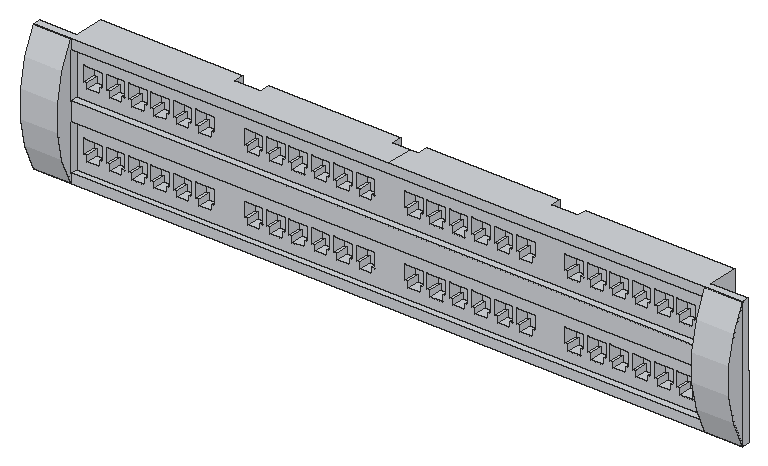
Revit family
Parameters (values of type "Type 1")
  Material ID = "760152595"
  Description = "360 1100GS6 Evolve U/UTP 48 Port Patch Panel\r\n360 1100 GS3 48 Port Patch Panel"
Reference planes (in)
  plane 1 "Center (Front/Back)": y = 0
  plane 2: z = 0
  plane 3 "Center (Left/Right)": x = 0
Forms (in)
  Extrusion 1, solid
    sketch origin (0, 0, 0) x (1, 0, 0) y (0, 0, 1)
      loop
        line (0, 1.735) -> (-9.5, 1.735) -> (-9.5, -1.735) -> (9.5, -1.735) -> (9.5, 1.735) -> (0, 1.735)
    from 0 to 1
  Extrusion 2, solid
    sketch origin (0, 0, 0) x (0, 1, 0) y (0, 0, 1)
      loop
        arc (-1, 1.735) -> (-1.46083, 0) -> (-1, -1.735) r 3.49647
        line (-1, -1.735) -> (-1, 1.735)
    from -9.5 to -8.5
  Extrusion 3, solid
    sketch origin (0, 0, 0) x (0, 1, 0) y (0, 0, -1)
      loop
        line (-1, -1.735) -> (-1, 1.735)
        arc (-1, 1.735) -> (-1.46083, 0) -> (-1, -1.735) r 3.49647
    from -9.5 to -8.5
  Extrusion 4, void
    sketch origin (0, 0, 0) x (1, 0, 0) y (0, 0, 1)
      loop
        line (0, 1.5) -> (-8.5, 1.5) -> (-8.5, 0.24) -> (8.5, 0.24) -> (8.5, 1.5) -> (0, 1.5)
      loop
        line (8.5, -1.5) -> (8.5, -0.24) -> (-8.5, -0.24) -> (-8.5, -1.5) -> (8.5, -1.5)
    from 0.80035 to 1
  Extrusion 5, void
    sketch origin (0, 0, 0) x (1, 0, 0) y (0, 0, 1)
      loop
        line (-8.306, 1.07722) -> (-8.306, 0.68622) -> (-8.226, 0.68622) -> (-8.226, 0.53222) -> (-7.886, 0.53222) -> (-7.886, 0.68622) -> (-7.806, 0.68622) -> (-7.806, 1.07722) -> (-8.306, 1.07722)
    from 0.462 to 1.10159
  Extrusion 6, void, not visible
    sketch origin (0, 0, 0) x (1, 0, 0) y (0, 0, 1)
      loop
        line (-8.45, 1.2) -> (-8.45, 0.809) -> (-8.37, 0.809) -> (-8.37, 0.655) -> (-8.03, 0.655) -> (-8.03, 0.809) -> (-7.95, 0.809) -> (-7.95, 1.2) -> (-8.45, 1.2)
    from 0.60159 to 1.10159
  Extrusion 7, void, not visible
    sketch origin (0.5989, 0, 0) x (1, 0, 0) y (0, 0, 1)
      loop
        line (-8.45, 1.2) -> (-8.45, 0.809) -> (-8.37, 0.809) -> (-8.37, 0.655) -> (-8.03, 0.655) -> (-8.03, 0.809) -> (-7.95, 0.809) -> (-7.95, 1.2) -> (-8.45, 1.2)
    from 0.60159 to 1.10159
  Extrusion 8, void, not visible
    sketch origin (1.2106, 0, 0) x (1, 0, 0) y (0, 0, 1)
      loop
        line (-8.45, 1.2) -> (-8.45, 0.809) -> (-8.37, 0.809) -> (-8.37, 0.655) -> (-8.03, 0.655) -> (-8.03, 0.809) -> (-7.95, 0.809) -> (-7.95, 1.2) -> (-8.45, 1.2)
    from 0.60159 to 1.10159
  Extrusion 9, void, not visible
    sketch origin (1.81104, 0, 0) x (1, 0, 0) y (0, 0, 1)
      loop
        line (-8.45, 1.2) -> (-8.45, 0.809) -> (-8.37, 0.809) -> (-8.37, 0.655) -> (-8.03, 0.655) -> (-8.03, 0.809) -> (-7.95, 0.809) -> (-7.95, 1.2) -> (-8.45, 1.2)
    from 0.60159 to 1.10159
  Extrusion 10, void, not visible
    sketch origin (2.41302, 0, 0) x (1, 0, 0) y (0, 0, 1)
      loop
        line (-8.45, 1.2) -> (-8.45, 0.809) -> (-8.37, 0.809) -> (-8.37, 0.655) -> (-8.03, 0.655) -> (-8.03, 0.809) -> (-7.95, 0.809) -> (-7.95, 1.2) -> (-8.45, 1.2)
    from 0.60159 to 1.10159
  Extrusion 11, void, not visible
    sketch origin (3.01652, 0, 0) x (1, 0, 0) y (0, 0, 1)
      loop
        line (-8.45, 1.2) -> (-8.45, 0.809) -> (-8.37, 0.809) -> (-8.37, 0.655) -> (-8.03, 0.655) -> (-8.03, 0.809) -> (-7.95, 0.809) -> (-7.95, 1.2) -> (-8.45, 1.2)
    from 0.60159 to 1.10159
  Extrusion 12, void
    sketch origin (0, 0, 0) x (1, 0, 0) y (0, 0, 1)
      loop
        line (9.5, 1.735) -> (8.5, 1.735) -> (8.5, -1.735) -> (9.5, -1.735) -> (9.5, 1.735)
    from 0 to 0.80035
  Extrusion 13, void
    sketch origin (0.6, 0, 0) x (1, 0, 0) y (0, 0, 1)
      loop
        line (-8.306, 1.07722) -> (-8.306, 0.68622) -> (-8.226, 0.68622) -> (-8.226, 0.53222) -> (-7.886, 0.53222) -> (-7.886, 0.68622) -> (-7.806, 0.68622) -> (-7.806, 1.07722) -> (-8.306, 1.07722)
    from 0.462 to 1.10159
  Extrusion 14, void
    sketch origin (1.2, 0, 0) x (1, 0, 0) y (0, 0, 1)
      loop
        line (-8.306, 1.07722) -> (-8.306, 0.68622) -> (-8.226, 0.68622) -> (-8.226, 0.53222) -> (-7.886, 0.53222) -> (-7.886, 0.68622) -> (-7.806, 0.68622) -> (-7.806, 1.07722) -> (-8.306, 1.07722)
    from 0.462 to 1.10159
  Extrusion 15, void
    sketch origin (1.8, 0, 0) x (1, 0, 0) y (0, 0, 1)
      loop
        line (-8.306, 1.07722) -> (-8.306, 0.68622) -> (-8.226, 0.68622) -> (-8.226, 0.53222) -> (-7.886, 0.53222) -> (-7.886, 0.68622) -> (-7.806, 0.68622) -> (-7.806, 1.07722) -> (-8.306, 1.07722)
    from 0.462 to 1.10159
  Extrusion 16, void
    sketch origin (2.4, 0, 0) x (1, 0, 0) y (0, 0, 1)
      loop
        line (-8.306, 1.07722) -> (-8.306, 0.68622) -> (-8.226, 0.68622) -> (-8.226, 0.53222) -> (-7.886, 0.53222) -> (-7.886, 0.68622) -> (-7.806, 0.68622) -> (-7.806, 1.07722) -> (-8.306, 1.07722)
    from 0.462 to 1.10159
  Extrusion 17, void
    sketch origin (3, 0, 0) x (1, 0, 0) y (0, 0, 1)
      loop
        line (-8.306, 1.07722) -> (-8.306, 0.68622) -> (-8.226, 0.68622) -> (-8.226, 0.53222) -> (-7.886, 0.53222) -> (-7.886, 0.68622) -> (-7.806, 0.68622) -> (-7.806, 1.07722) -> (-8.306, 1.07722)
    from 0.462 to 1.10159
  Extrusion 18, void, not visible
    sketch origin (0, 0, 0) x (1, 0, 0) y (0, 0, 1)
      loop
        line (-8.306, 1.07722) -> (-8.306, 0.68622) -> (-8.226, 0.68622) -> (-8.226, 0.53222) -> (-7.886, 0.53222) -> (-7.886, 0.68622) -> (-7.806, 0.68622) -> (-7.806, 1.07722) -> (-8.306, 1.07722)
    from 0.462 to 1.10159
  Extrusion 19, void
    sketch origin (4.3, 0, 0) x (1, 0, 0) y (0, 0, 1)
      loop
        line (-8.306, 1.07722) -> (-8.306, 0.68622) -> (-8.226, 0.68622) -> (-8.226, 0.53222) -> (-7.886, 0.53222) -> (-7.886, 0.68622) -> (-7.806, 0.68622) -> (-7.806, 1.07722) -> (-8.306, 1.07722)
    from 0.462 to 1.10159
  Extrusion 20, void
    sketch origin (4.9, 0, 0) x (1, 0, 0) y (0, 0, 1)
      loop
        line (-8.306, 1.07722) -> (-8.306, 0.68622) -> (-8.226, 0.68622) -> (-8.226, 0.53222) -> (-7.886, 0.53222) -> (-7.886, 0.68622) -> (-7.806, 0.68622) -> (-7.806, 1.07722) -> (-8.306, 1.07722)
    from 0.462 to 1.10159
  Extrusion 21, void
    sketch origin (5.5, 0, 0) x (1, 0, 0) y (0, 0, 1)
      loop
        line (-8.306, 1.07722) -> (-8.306, 0.68622) -> (-8.226, 0.68622) -> (-8.226, 0.53222) -> (-7.886, 0.53222) -> (-7.886, 0.68622) -> (-7.806, 0.68622) -> (-7.806, 1.07722) -> (-8.306, 1.07722)
    from 0.462 to 1.10159
  Extrusion 22, void
    sketch origin (6.1, 0, 0) x (1, 0, 0) y (0, 0, 1)
      loop
        line (-8.306, 1.07722) -> (-8.306, 0.68622) -> (-8.226, 0.68622) -> (-8.226, 0.53222) -> (-7.886, 0.53222) -> (-7.886, 0.68622) -> (-7.806, 0.68622) -> (-7.806, 1.07722) -> (-8.306, 1.07722)
    from 0.462 to 1.10159
  Extrusion 23, void
    sketch origin (6.7, 0, 0) x (1, 0, 0) y (0, 0, 1)
      loop
        line (-8.306, 1.07722) -> (-8.306, 0.68622) -> (-8.226, 0.68622) -> (-8.226, 0.53222) -> (-7.886, 0.53222) -> (-7.886, 0.68622) -> (-7.806, 0.68622) -> (-7.806, 1.07722) -> (-8.306, 1.07722)
    from 0.462 to 1.10159
  Extrusion 24, void
    sketch origin (7.3, 0, 0) x (1, 0, 0) y (0, 0, 1)
      loop
        line (-8.306, 1.07722) -> (-8.306, 0.68622) -> (-8.226, 0.68622) -> (-8.226, 0.53222) -> (-7.886, 0.53222) -> (-7.886, 0.68622) -> (-7.806, 0.68622) -> (-7.806, 1.07722) -> (-8.306, 1.07722)
    from 0.462 to 1.10159
  Extrusion 25, void
    sketch origin (8.6, 0, 0) x (1, 0, 0) y (0, 0, 1)
      loop
        line (-8.306, 1.07722) -> (-8.306, 0.68622) -> (-8.226, 0.68622) -> (-8.226, 0.53222) -> (-7.886, 0.53222) -> (-7.886, 0.68622) -> (-7.806, 0.68622) -> (-7.806, 1.07722) -> (-8.306, 1.07722)
    from 0.462 to 1.10159
  Extrusion 26, void
    sketch origin (9.2, 0, 0) x (1, 0, 0) y (0, 0, 1)
      loop
        line (-8.306, 1.07722) -> (-8.306, 0.68622) -> (-8.226, 0.68622) -> (-8.226, 0.53222) -> (-7.886, 0.53222) -> (-7.886, 0.68622) -> (-7.806, 0.68622) -> (-7.806, 1.07722) -> (-8.306, 1.07722)
    from 0.462 to 1.10159
  Extrusion 27, void
    sketch origin (9.8, 0, 0) x (1, 0, 0) y (0, 0, 1)
      loop
        line (-8.306, 1.07722) -> (-8.306, 0.68622) -> (-8.226, 0.68622) -> (-8.226, 0.53222) -> (-7.886, 0.53222) -> (-7.886, 0.68622) -> (-7.806, 0.68622) -> (-7.806, 1.07722) -> (-8.306, 1.07722)
    from 0.462 to 1.10159
  Extrusion 28, void
    sketch origin (10.4, 0, 0) x (1, 0, 0) y (0, 0, 1)
      loop
        line (-8.306, 1.07722) -> (-8.306, 0.68622) -> (-8.226, 0.68622) -> (-8.226, 0.53222) -> (-7.886, 0.53222) -> (-7.886, 0.68622) -> (-7.806, 0.68622) -> (-7.806, 1.07722) -> (-8.306, 1.07722)
    from 0.462 to 1.10159
  Extrusion 29, void
    sketch origin (11, 0, 0) x (1, 0, 0) y (0, 0, 1)
      loop
        line (-8.306, 1.07722) -> (-8.306, 0.68622) -> (-8.226, 0.68622) -> (-8.226, 0.53222) -> (-7.886, 0.53222) -> (-7.886, 0.68622) -> (-7.806, 0.68622) -> (-7.806, 1.07722) -> (-8.306, 1.07722)
    from 0.462 to 1.10159
  Extrusion 30, void
    sketch origin (11.6, 0, 0) x (1, 0, 0) y (0, 0, 1)
      loop
        line (-8.306, 1.07722) -> (-8.306, 0.68622) -> (-8.226, 0.68622) -> (-8.226, 0.53222) -> (-7.886, 0.53222) -> (-7.886, 0.68622) -> (-7.806, 0.68622) -> (-7.806, 1.07722) -> (-8.306, 1.07722)
    from 0.462 to 1.10159
  Extrusion 31, void
    sketch origin (12.9, 0, 0) x (1, 0, 0) y (0, 0, 1)
      loop
        line (-8.306, 1.07722) -> (-8.306, 0.68622) -> (-8.226, 0.68622) -> (-8.226, 0.53222) -> (-7.886, 0.53222) -> (-7.886, 0.68622) -> (-7.806, 0.68622) -> (-7.806, 1.07722) -> (-8.306, 1.07722)
    from 0.462 to 1.10159
  Extrusion 32, void
    sketch origin (13.5, 0, 0) x (1, 0, 0) y (0, 0, 1)
      loop
        line (-8.306, 1.07722) -> (-8.306, 0.68622) -> (-8.226, 0.68622) -> (-8.226, 0.53222) -> (-7.886, 0.53222) -> (-7.886, 0.68622) -> (-7.806, 0.68622) -> (-7.806, 1.07722) -> (-8.306, 1.07722)
    from 0.462 to 1.10159
  Extrusion 33, void
    sketch origin (14.1, 0, 0) x (1, 0, 0) y (0, 0, 1)
      loop
        line (-8.306, 1.07722) -> (-8.306, 0.68622) -> (-8.226, 0.68622) -> (-8.226, 0.53222) -> (-7.886, 0.53222) -> (-7.886, 0.68622) -> (-7.806, 0.68622) -> (-7.806, 1.07722) -> (-8.306, 1.07722)
    from 0.462 to 1.10159
  Extrusion 34, void
    sketch origin (14.7, 0, 0) x (1, 0, 0) y (0, 0, 1)
      loop
        line (-8.306, 1.07722) -> (-8.306, 0.68622) -> (-8.226, 0.68622) -> (-8.226, 0.53222) -> (-7.886, 0.53222) -> (-7.886, 0.68622) -> (-7.806, 0.68622) -> (-7.806, 1.07722) -> (-8.306, 1.07722)
    from 0.462 to 1.10159
  Extrusion 35, void
    sketch origin (15.3, 0, 0) x (1, 0, 0) y (0, 0, 1)
      loop
        line (-8.306, 1.07722) -> (-8.306, 0.68622) -> (-8.226, 0.68622) -> (-8.226, 0.53222) -> (-7.886, 0.53222) -> (-7.886, 0.68622) -> (-7.806, 0.68622) -> (-7.806, 1.07722) -> (-8.306, 1.07722)
    from 0.462 to 1.10159
  Extrusion 36, void
    sketch origin (15.9, 0, 0) x (1, 0, 0) y (0, 0, 1)
      loop
        line (-8.306, 1.07722) -> (-8.306, 0.68622) -> (-8.226, 0.68622) -> (-8.226, 0.53222) -> (-7.886, 0.53222) -> (-7.886, 0.68622) -> (-7.806, 0.68622) -> (-7.806, 1.07722) -> (-8.306, 1.07722)
    from 0.462 to 1.10159
  Extrusion 37, void, not visible
    sketch origin (0, 0, 0) x (1, 0, 0) y (0, 0, 1)
      loop
        line (-8.306, 1.07722) -> (-8.306, 0.68622) -> (-8.226, 0.68622) -> (-8.226, 0.53222) -> (-7.886, 0.53222) -> (-7.886, 0.68622) -> (-7.806, 0.68622) -> (-7.806, 1.07722) -> (-8.306, 1.07722)
    from 0.462 to 1.10159
  Extrusion 38, void, not visible
    sketch origin (0.6, 0, 0) x (1, 0, 0) y (0, 0, 1)
      loop
        line (-8.306, 1.07722) -> (-8.306, 0.68622) -> (-8.226, 0.68622) -> (-8.226, 0.53222) -> (-7.886, 0.53222) -> (-7.886, 0.68622) -> (-7.806, 0.68622) -> (-7.806, 1.07722) -> (-8.306, 1.07722)
    from 0.462 to 1.10159
  Extrusion 39, void, not visible
    sketch origin (1.2, 0, 0) x (1, 0, 0) y (0, 0, 1)
      loop
        line (-8.306, 1.07722) -> (-8.306, 0.68622) -> (-8.226, 0.68622) -> (-8.226, 0.53222) -> (-7.886, 0.53222) -> (-7.886, 0.68622) -> (-7.806, 0.68622) -> (-7.806, 1.07722) -> (-8.306, 1.07722)
    from 0.462 to 1.10159
  Extrusion 40, void, not visible
    sketch origin (1.8, 0, 0) x (1, 0, 0) y (0, 0, 1)
      loop
        line (-8.306, 1.07722) -> (-8.306, 0.68622) -> (-8.226, 0.68622) -> (-8.226, 0.53222) -> (-7.886, 0.53222) -> (-7.886, 0.68622) -> (-7.806, 0.68622) -> (-7.806, 1.07722) -> (-8.306, 1.07722)
    from 0.462 to 1.10159
  Extrusion 41, void, not visible
    sketch origin (2.4, 0, 0) x (1, 0, 0) y (0, 0, 1)
      loop
        line (-8.306, 1.07722) -> (-8.306, 0.68622) -> (-8.226, 0.68622) -> (-8.226, 0.53222) -> (-7.886, 0.53222) -> (-7.886, 0.68622) -> (-7.806, 0.68622) -> (-7.806, 1.07722) -> (-8.306, 1.07722)
    from 0.462 to 1.10159
  Extrusion 42, void, not visible
    sketch origin (3, 0, 0) x (1, 0, 0) y (0, 0, 1)
      loop
        line (-8.306, 1.07722) -> (-8.306, 0.68622) -> (-8.226, 0.68622) -> (-8.226, 0.53222) -> (-7.886, 0.53222) -> (-7.886, 0.68622) -> (-7.806, 0.68622) -> (-7.806, 1.07722) -> (-8.306, 1.07722)
    from 0.462 to 1.10159
  Extrusion 43, void
    sketch origin (0, 0, -1.75) x (1, 0, 0) y (0, 0, 1)
      loop
        line (-8.306, 1.07722) -> (-8.306, 0.68622) -> (-8.226, 0.68622) -> (-8.226, 0.53222) -> (-7.886, 0.53222) -> (-7.886, 0.68622) -> (-7.806, 0.68622) -> (-7.806, 1.07722) -> (-8.306, 1.07722)
    from 0.462 to 1.10159
  Extrusion 44, void
    sketch origin (0.6, 0, -1.75) x (1, 0, 0) y (0, 0, 1)
      loop
        line (-8.306, 1.07722) -> (-8.306, 0.68622) -> (-8.226, 0.68622) -> (-8.226, 0.53222) -> (-7.886, 0.53222) -> (-7.886, 0.68622) -> (-7.806, 0.68622) -> (-7.806, 1.07722) -> (-8.306, 1.07722)
    from 0.462 to 1.10159
  Extrusion 45, void
    sketch origin (1.2, 0, -1.75) x (1, 0, 0) y (0, 0, 1)
      loop
        line (-8.306, 1.07722) -> (-8.306, 0.68622) -> (-8.226, 0.68622) -> (-8.226, 0.53222) -> (-7.886, 0.53222) -> (-7.886, 0.68622) -> (-7.806, 0.68622) -> (-7.806, 1.07722) -> (-8.306, 1.07722)
    from 0.462 to 1.10159
  Extrusion 46, void
    sketch origin (1.8, 0, -1.75) x (1, 0, 0) y (0, 0, 1)
      loop
        line (-8.306, 1.07722) -> (-8.306, 0.68622) -> (-8.226, 0.68622) -> (-8.226, 0.53222) -> (-7.886, 0.53222) -> (-7.886, 0.68622) -> (-7.806, 0.68622) -> (-7.806, 1.07722) -> (-8.306, 1.07722)
    from 0.462 to 1.10159
  Extrusion 47, void
    sketch origin (2.4, 0, -1.75) x (1, 0, 0) y (0, 0, 1)
      loop
        line (-8.306, 1.07722) -> (-8.306, 0.68622) -> (-8.226, 0.68622) -> (-8.226, 0.53222) -> (-7.886, 0.53222) -> (-7.886, 0.68622) -> (-7.806, 0.68622) -> (-7.806, 1.07722) -> (-8.306, 1.07722)
    from 0.462 to 1.10159
  Extrusion 48, void
    sketch origin (3, 0, -1.75) x (1, 0, 0) y (0, 0, 1)
      loop
        line (-8.306, 1.07722) -> (-8.306, 0.68622) -> (-8.226, 0.68622) -> (-8.226, 0.53222) -> (-7.886, 0.53222) -> (-7.886, 0.68622) -> (-7.806, 0.68622) -> (-7.806, 1.07722) -> (-8.306, 1.07722)
    from 0.462 to 1.10159
  Extrusion 49, void
    sketch origin (4.3, 0, -1.75) x (1, 0, 0) y (0, 0, 1)
      loop
        line (-8.306, 1.07722) -> (-8.306, 0.68622) -> (-8.226, 0.68622) -> (-8.226, 0.53222) -> (-7.886, 0.53222) -> (-7.886, 0.68622) -> (-7.806, 0.68622) -> (-7.806, 1.07722) -> (-8.306, 1.07722)
    from 0.462 to 1.10159
  Extrusion 50, void
    sketch origin (4.9, 0, -1.75) x (1, 0, 0) y (0, 0, 1)
      loop
        line (-8.306, 1.07722) -> (-8.306, 0.68622) -> (-8.226, 0.68622) -> (-8.226, 0.53222) -> (-7.886, 0.53222) -> (-7.886, 0.68622) -> (-7.806, 0.68622) -> (-7.806, 1.07722) -> (-8.306, 1.07722)
    from 0.462 to 1.10159
  Extrusion 51, void
    sketch origin (5.5, 0, -1.75) x (1, 0, 0) y (0, 0, 1)
      loop
        line (-8.306, 1.07722) -> (-8.306, 0.68622) -> (-8.226, 0.68622) -> (-8.226, 0.53222) -> (-7.886, 0.53222) -> (-7.886, 0.68622) -> (-7.806, 0.68622) -> (-7.806, 1.07722) -> (-8.306, 1.07722)
    from 0.462 to 1.10159
  Extrusion 52, void
    sketch origin (6.1, 0, -1.75) x (1, 0, 0) y (0, 0, 1)
      loop
        line (-8.306, 1.07722) -> (-8.306, 0.68622) -> (-8.226, 0.68622) -> (-8.226, 0.53222) -> (-7.886, 0.53222) -> (-7.886, 0.68622) -> (-7.806, 0.68622) -> (-7.806, 1.07722) -> (-8.306, 1.07722)
    from 0.462 to 1.10159
  Extrusion 53, void
    sketch origin (6.7, 0, -1.75) x (1, 0, 0) y (0, 0, 1)
      loop
        line (-8.306, 1.07722) -> (-8.306, 0.68622) -> (-8.226, 0.68622) -> (-8.226, 0.53222) -> (-7.886, 0.53222) -> (-7.886, 0.68622) -> (-7.806, 0.68622) -> (-7.806, 1.07722) -> (-8.306, 1.07722)
    from 0.462 to 1.10159
  Extrusion 54, void
    sketch origin (7.3, 0, -1.75) x (1, 0, 0) y (0, 0, 1)
      loop
        line (-8.306, 1.07722) -> (-8.306, 0.68622) -> (-8.226, 0.68622) -> (-8.226, 0.53222) -> (-7.886, 0.53222) -> (-7.886, 0.68622) -> (-7.806, 0.68622) -> (-7.806, 1.07722) -> (-8.306, 1.07722)
    from 0.462 to 1.10159
  Extrusion 55, void
    sketch origin (8.6, 0, -1.75) x (1, 0, 0) y (0, 0, 1)
      loop
        line (-8.306, 1.07722) -> (-8.306, 0.68622) -> (-8.226, 0.68622) -> (-8.226, 0.53222) -> (-7.886, 0.53222) -> (-7.886, 0.68622) -> (-7.806, 0.68622) -> (-7.806, 1.07722) -> (-8.306, 1.07722)
    from 0.462 to 1.10159
  Extrusion 56, void
    sketch origin (9.2, 0, -1.75) x (1, 0, 0) y (0, 0, 1)
      loop
        line (-8.306, 1.07722) -> (-8.306, 0.68622) -> (-8.226, 0.68622) -> (-8.226, 0.53222) -> (-7.886, 0.53222) -> (-7.886, 0.68622) -> (-7.806, 0.68622) -> (-7.806, 1.07722) -> (-8.306, 1.07722)
    from 0.462 to 1.10159
  Extrusion 57, void
    sketch origin (9.8, 0, -1.75) x (1, 0, 0) y (0, 0, 1)
      loop
        line (-8.306, 1.07722) -> (-8.306, 0.68622) -> (-8.226, 0.68622) -> (-8.226, 0.53222) -> (-7.886, 0.53222) -> (-7.886, 0.68622) -> (-7.806, 0.68622) -> (-7.806, 1.07722) -> (-8.306, 1.07722)
    from 0.462 to 1.10159
  Extrusion 58, void
    sketch origin (10.4, 0, -1.75) x (1, 0, 0) y (0, 0, 1)
      loop
        line (-8.306, 1.07722) -> (-8.306, 0.68622) -> (-8.226, 0.68622) -> (-8.226, 0.53222) -> (-7.886, 0.53222) -> (-7.886, 0.68622) -> (-7.806, 0.68622) -> (-7.806, 1.07722) -> (-8.306, 1.07722)
    from 0.462 to 1.10159
  Extrusion 59, void
    sketch origin (11, 0, -1.75) x (1, 0, 0) y (0, 0, 1)
      loop
        line (-8.306, 1.07722) -> (-8.306, 0.68622) -> (-8.226, 0.68622) -> (-8.226, 0.53222) -> (-7.886, 0.53222) -> (-7.886, 0.68622) -> (-7.806, 0.68622) -> (-7.806, 1.07722) -> (-8.306, 1.07722)
    from 0.462 to 1.10159
  Extrusion 60, void
    sketch origin (11.6, 0, -1.75) x (1, 0, 0) y (0, 0, 1)
      loop
        line (-8.306, 1.07722) -> (-8.306, 0.68622) -> (-8.226, 0.68622) -> (-8.226, 0.53222) -> (-7.886, 0.53222) -> (-7.886, 0.68622) -> (-7.806, 0.68622) -> (-7.806, 1.07722) -> (-8.306, 1.07722)
    from 0.462 to 1.10159
  Extrusion 61, void
    sketch origin (12.9, 0, -1.75) x (1, 0, 0) y (0, 0, 1)
      loop
        line (-8.306, 1.07722) -> (-8.306, 0.68622) -> (-8.226, 0.68622) -> (-8.226, 0.53222) -> (-7.886, 0.53222) -> (-7.886, 0.68622) -> (-7.806, 0.68622) -> (-7.806, 1.07722) -> (-8.306, 1.07722)
    from 0.462 to 1.10159
  Extrusion 62, void
    sketch origin (13.5, 0, -1.75) x (1, 0, 0) y (0, 0, 1)
      loop
        line (-8.306, 1.07722) -> (-8.306, 0.68622) -> (-8.226, 0.68622) -> (-8.226, 0.53222) -> (-7.886, 0.53222) -> (-7.886, 0.68622) -> (-7.806, 0.68622) -> (-7.806, 1.07722) -> (-8.306, 1.07722)
    from 0.462 to 1.10159
  Extrusion 63, void
    sketch origin (14.1, 0, -1.75) x (1, 0, 0) y (0, 0, 1)
      loop
        line (-8.306, 1.07722) -> (-8.306, 0.68622) -> (-8.226, 0.68622) -> (-8.226, 0.53222) -> (-7.886, 0.53222) -> (-7.886, 0.68622) -> (-7.806, 0.68622) -> (-7.806, 1.07722) -> (-8.306, 1.07722)
    from 0.462 to 1.10159
  Extrusion 64, void
    sketch origin (14.7, 0, -1.75) x (1, 0, 0) y (0, 0, 1)
      loop
        line (-8.306, 1.07722) -> (-8.306, 0.68622) -> (-8.226, 0.68622) -> (-8.226, 0.53222) -> (-7.886, 0.53222) -> (-7.886, 0.68622) -> (-7.806, 0.68622) -> (-7.806, 1.07722) -> (-8.306, 1.07722)
    from 0.462 to 1.10159
  Extrusion 65, void
    sketch origin (15.3, 0, -1.75) x (1, 0, 0) y (0, 0, 1)
      loop
        line (-8.306, 1.07722) -> (-8.306, 0.68622) -> (-8.226, 0.68622) -> (-8.226, 0.53222) -> (-7.886, 0.53222) -> (-7.886, 0.68622) -> (-7.806, 0.68622) -> (-7.806, 1.07722) -> (-8.306, 1.07722)
    from 0.462 to 1.10159
  Extrusion 66, void
    sketch origin (15.9, 0, -1.75) x (1, 0, 0) y (0, 0, 1)
      loop
        line (-8.306, 1.07722) -> (-8.306, 0.68622) -> (-8.226, 0.68622) -> (-8.226, 0.53222) -> (-7.886, 0.53222) -> (-7.886, 0.68622) -> (-7.806, 0.68622) -> (-7.806, 1.07722) -> (-8.306, 1.07722)
    from 0.462 to 1.10159
  Extrusion 67, void
    sketch origin (0, 0, 0) x (1, 0, 0) y (0, 0, 1)
      loop
        line (-8.5, 1.735) -> (-9.5, 1.735) -> (-9.5, -1.735) -> (-8.5, -1.735) -> (-8.5, 1.735)
    from 0 to 0.80035
  Extrusion 68, void
    sketch origin (0, 0, 0) x (1, 0, 0) y (0, 0, 1)
      loop
        line (4.5, 1.75) -> (3.8, 1.75) -> (3.8, -1.735) -> (4.5, -1.735) -> (4.5, 1.75)
      loop
        line (0.25, 1.75) -> (-0.45, 1.75) -> (-0.45, -1.735) -> (0.25, -1.735) -> (0.25, 1.75)
      loop
        line (-4, 1.75) -> (-4.7, 1.75) -> (-4.7, -1.735) -> (-4, -1.735) -> (-4, 1.75)
    from 0 to 0.26215
  Extrusion 69, void
    sketch origin (0, 0, 0) x (1, 0, 0) y (0, 0, 1)
      loop
        line (9.16752, 1.36323) -> (8.79742, 1.36323)
        arc (8.79742, 1.36323) -> (8.64742, 1.21323) -> (8.79742, 1.06323) r 0.15
        line (8.79742, 1.06323) -> (9.16752, 1.06323)
        arc (9.16752, 1.06323) -> (9.31752, 1.21323) -> (9.16752, 1.36323) r 0.15
      loop
        arc (9.16752, -1.36323) -> (9.31752, -1.21323) -> (9.16752, -1.06323) r 0.15
        line (9.16752, -1.06323) -> (8.79742, -1.06323)
        arc (8.79742, -1.06323) -> (8.64742, -1.21323) -> (8.79742, -1.36323) r 0.15
        line (8.79742, -1.36323) -> (9.16752, -1.36323)
      loop
        arc (-9.16752, 1.36323) -> (-9.31752, 1.21323) -> (-9.16752, 1.06323) r 0.15
        line (-9.16752, 1.06323) -> (-8.79742, 1.06323)
        arc (-8.79742, 1.06323) -> (-8.64742, 1.21323) -> (-8.79742, 1.36323) r 0.15
        line (-8.79742, 1.36323) -> (-9.16752, 1.36323)
      loop
        line (-9.16752, -1.36323) -> (-8.79742, -1.36323)
        arc (-8.79742, -1.36323) -> (-8.64742, -1.21323) -> (-8.79742, -1.06323) r 0.15
        line (-8.79742, -1.06323) -> (-9.16752, -1.06323)
        arc (-9.16752, -1.06323) -> (-9.31752, -1.21323) -> (-9.16752, -1.36323) r 0.15
    from 0 to 1
Cuts and joins
  Extrusion 4, Extrusion 5, Extrusion 12, Extrusion 13, Extrusion 14, Extrusion 15, Extrusion 16, Extrusion 17, Extrusion 19, Extrusion 20, Extrusion 21, Extrusion 22, Extrusion 23, Extrusion 24, Extrusion 25, Extrusion 26, Extrusion 27, Extrusion 28, Extrusion 29, Extrusion 30, Extrusion 31, Extrusion 32, Extrusion 33, Extrusion 34, Extrusion 35, Extrusion 36, Extrusion 43, Extrusion 44, Extrusion 45, Extrusion 46, Extrusion 47, Extrusion 48, Extrusion 49, Extrusion 50, Extrusion 51, Extrusion 52, Extrusion 53, Extrusion 54, Extrusion 55, Extrusion 56, Extrusion 57, Extrusion 58, Extrusion 59, Extrusion 60, Extrusion 61, Extrusion 62, Extrusion 63, Extrusion 64, Extrusion 65, Extrusion 66, Extrusion 67, Extrusion 68, Extrusion 69 cuts Extrusion 1
  Extrusion 4, Extrusion 67, Extrusion 69 cuts Extrusion 2
  Extrusion 4, Extrusion 12, Extrusion 69 cuts Extrusion 3
Dimensions and locks (in)
  equal spacing: group 2, group 3, group 4, group 5, group 6, group 7  (x3)
  equal spacing: group 10, group 11, group 12, group 13, group 14, group 15  (x3)
  equal spacing: group 8, group 16, group 23, group 30  (x3)
  equal spacing: group 17, group 18, group 19, group 20, group 21, group 22  (x3)
  equal spacing: group 24, group 25, group 26, group 27, group 28, group 29  (x3)
  equal spacing: group 32, group 33, group 34, group 35, group 36, group 37  (x3)
  equal spacing: group 39, group 40, group 41, group 42, group 43, group 44  (x3)
  equal spacing: group 46, group 47, group 48, group 49, group 50, group 51  (x3)
  equal spacing: group 45, group 52, group 59, group 66  (x3)
  equal spacing: group 53, group 54, group 55, group 56, group 57, group 58  (x3)
  equal spacing: group 60, group 61, group 62, group 63, group 64, group 65  (x3)
  group 31 to group 67 = 0"  (x2)
  group 67 to group 31 = 1.75"
  aligned and locked: Extrusion 2 sketch curve to Extrusion 1
  aligned and locked: plane 3 "Center (Left/Right)" to Extrusion 4 sketch curve
  aligned and locked: Extrusion 12 sketch curve to cut or joined group 1 (Extrusion 1, Extrusion 4, Extrusion 5, Extrusion 12, Extrusion 13, Extrusion 14, Extrusion 15, Extrusion 16, Extrusion 17, Extrusion 19, Extrusion 20, Extrusion 21, Extrusion 22, Extrusion 23, Extrusion 24, Extrusion 25, Extrusion 26, Extrusion 27, Extrusion 28, Extrusion 29, Extrusion 30, Extrusion 31, Extrusion 32, Extrusion 33, Extrusion 34, Extrusion 35, Extrusion 36, Extrusion 43, Extrusion 44, Extrusion 45, Extrusion 46, Extrusion 47, Extrusion 48, Extrusion 49, Extrusion 50, Extrusion 51, Extrusion 52, Extrusion 53, Extrusion 54, Extrusion 55, Extrusion 56, Extrusion 57, Extrusion 58, Extrusion 59, Extrusion 60, Extrusion 61, Extrusion 62, Extrusion 63, Extrusion 64, Extrusion 65, Extrusion 66, Extrusion 67, Extrusion 68, Extrusion 69)  (x2)
  aligned and locked: Extrusion 12 sketch curve to cut or joined group of Extrusion 3, Extrusion 4, Extrusion 12, Extrusion 69  (x2)
  aligned and locked: Extrusion 67 sketch curve to cut or joined group of Extrusion 2, Extrusion 4, Extrusion 67, Extrusion 69  (x2)
  aligned and locked: Extrusion 67 sketch curve to cut or joined group 1  (x2)
